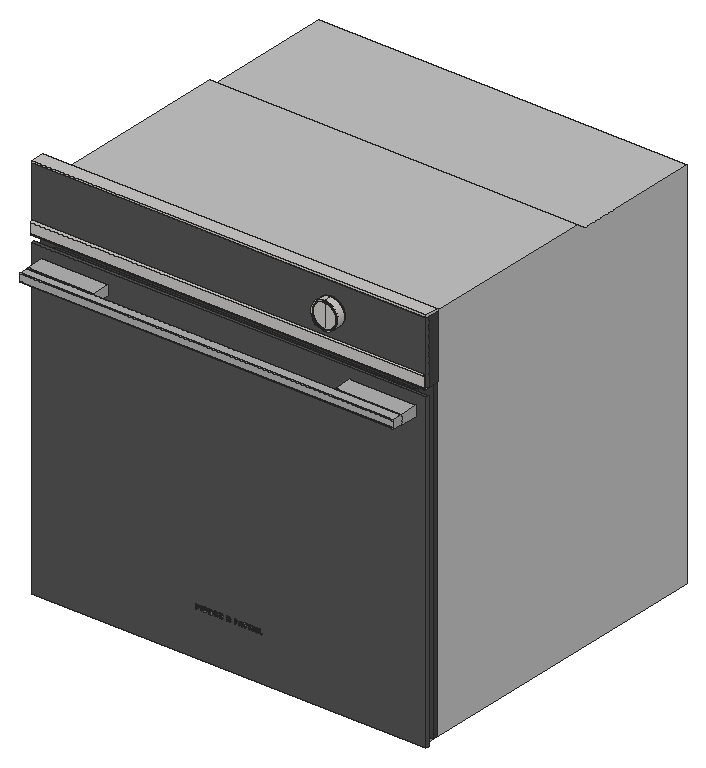
Revit family "FP-Revit18-OS60SDLX1-CombiSteamOven-0-AU-CN-EU-IE-NZ-UK-90002671A", category Specialty Equipment, Revit 2018
Family settings
  Round Connector Dimension = Use Diameter
  Part Type = Normal
  OmniClass Number = 23.40.40.14.17.11
  OmniClass Title = Cookers, Ovens, Stoves
  Work Plane-Based = No
  Always vertical = Yes
  Cut with Voids When Loaded = Yes
  Shared = No
  Room Calculation Point = No
Parameters (values of type "OS60SDLX1")
  Visibility - Clearance Required = yes
  URL = "www.fisherpaykel.com"
  Product - Width = 596 mm  # constant formula
  Product - Height = 598 mm  # constant formula
  Product - Depth = 566 mm  # constant formula
  Model = "OS60SDLX1"
  Material - Trim = Fisher & Paykel - Stainless Steel
  Material - Structure = Fisher & Paykel - Black
  Material - Logo = Fisher & Paykel - Graphics Grey
  Material - Handle = Fisher & Paykel - Aluminium
  Material - Glass = Fisher & Paykel - Glass, Black
  Material - Buttons and Dials = Fisher & Paykel - Stainless Steel
  Material - Body = Fisher & Paykel - Grey
  Material - Bezel = Fisher & Paykel - Bezel Red
  Manufacturer = "Fisher & Paykel Appliances"
  FFL Offset [instance] = 200 mm
  Description = "60cm Combination Steam Oven"
  Connector Note - Electrical = "220 - 240 V, 12.8 - 13.8 A, 50 Hz"
  Chassis - Width = 556 mm  # constant formula
  Chassis - Height = 577 mm  # constant formula
  Chassis - Depth = 545 mm  # constant formula
  Cavity - Width = 600 mm  # constant formula
  Cavity - Height = 600 mm  # constant formula
  Cavity - Depth = 550 mm  # constant formula
Reference planes
  plane 1 "Datum": y = 0
  plane 2: z = 0
  plane 3 "Center (Left/Right)": x = 0
  plane 4 "Cavity": z = 780
  plane 5 "Product Height": z = 798
  plane 6 "Product LHS": x = -298
  plane 7 "Product RHS": x = 298
  plane 8 "Cavity LHS": x = -300
  plane 9 "Cavity RHS": x = 300
  plane 10 "Cavity - Depth": y = 550
  plane 11 "Product Depth": y = 545
  plane 12 "Front Face": y = -21
  plane 13 "Dial": x = 154.861
  plane 14 "FFL Offset": z = 200
  plane 15 "Cavity Height": z = 800
  plane 16 "KNOB 32": x = -282.5
  plane 17 "KNOB 33": x = 282.5
  plane 18 "LHS Standoff": x = -182.5
  plane 19 "RHS Standoff": x = 182.5
Forms (mm)
  Extrusion 1, solid, material "Fisher & Paykel - Grey" <- "Material - Body"
    sketch origin (0, 0, 0) x (0, 1, 0) y (0, 0, 1)
      loop
        line (0, 200) -> (527.082, 200) -> (527.082, 392.821) -> (545, 410.738) -> (545, 606.184) -> (496, 658.73) -> (496, 767.871) -> (302.605, 767.871) -> (290.524, 777) -> (0, 777) -> (0, 200)
    from -278 to 278
  Extrusion 2, void
    sketch origin (0, 0, 0) x (1, 0, 0) y (0, 1, 0)
      loop
        line (-199.196, 545) -> (-278, 545) -> (-278, 496) -> (-229.815, 496) -> (-199.196, 545)
      loop
        line (278, 496) -> (278, 545) -> (75.362, 545) -> (93.838, 526.523) -> (211.079, 526.523) -> (229.419, 496) -> (278, 496)
    from 200 to 767.871
  Extrusion 3, solid, material "Fisher & Paykel - Black" <- "Material - Structure"
    sketch origin (0, 0, 0) x (0, 1, 0) y (0, 0, 1)
      loop
        line (-17, 795.1) -> (-17, 698) -> (0, 698) -> (0, 795.1) -> (-17, 795.1)
    from -298 to 298
  Extrusion 4, solid, material "Fisher & Paykel - Glass, Black" <- "Material - Glass"
    sketch origin (0, 0, 0) x (1, 0, 0) y (0, 0, 1)
      loop
        line (-298, 687) -> (-298, 211.846) -> (298, 211.846) -> (298, 687) -> (-298, 687)
      loop
        line (-298, 699.5) -> (298, 699.5) -> (298, 795.1) -> (-298, 795.1) -> (-298, 699.5)
    from 17 to 21
  Extrusion 5, solid, material "Fisher & Paykel - Black" <- "Material - Structure"
    sketch origin (0, 0, -4.7) x (0, 1, 0) y (0, 0, 1)
      loop
        line (-17, 690.771) -> (-17, 224.7) -> (-5, 224.7) -> (-5, 687.442) -> (-14.146, 690.771) -> (-17, 690.771)
    from -272.5 to 272.5
  Extrusion 6, solid, material "Fisher & Paykel - Black" <- "Material - Structure"
    sketch origin (0, 0, 0) x (1, 0, 0) y (0, 0, 1)
      loop
        arc (269.803, 698) -> (257.581, 690.14) -> (243.393, 687) r 41.294
        line (243.393, 687) -> (-243.393, 687)
        arc (-243.393, 687) -> (-257.581, 690.14) -> (-269.803, 698) r 41.294
        line (-269.803, 698) -> (-297.5, 698) -> (-297.5, 218) -> (297.5, 218) -> (297.5, 698) -> (269.803, 698)
    from 0 to 5.4
  Extrusion 7, solid, material "Fisher & Paykel - Clearance Required", visible <- "Visibility - Clearance Required", detail levels coarse
    sketch origin (0, 0, 0) x (0, 1, 0) y (0, 0, 1)
      loop
        line (0, 800) -> (-191.375, 800) -> (-191.375, 636.155)
        arc (-191.375, 636.155) -> (-381.908, 479.03) -> (-481.8, 253.169) r 536.161
        line (-481.8, 253.169) -> (-465.804, 252.809) -> (-466.989, 210.782) -> (-451.592, 210.354) -> (-450.407, 252.375) -> (-21, 240.267) -> (-21, 200) -> (0, 200) -> (0, 800)
    from -300 to 300
  Extrusion 8, solid, material "Fisher & Paykel - Clearance Required", visible <- "Visibility - Clearance Required", detail levels coarse
    sketch origin (0, 0, 0) x (1, 0, 0) y (0, 1, 0)
      loop
        line (-280, 0) -> (280, 0) -> (280, 550) -> (-280, 550) -> (-280, 0)
    from 200 to 780
  Extrusion 9, void
    sketch origin (0, 0, 0) x (1, 0, 0) y (0, 1, 0)
      loop
        line (-300, -21) -> (300, -21) -> (300, 0) -> (-300, 0) -> (-300, -21)
    from 200 to 800
  Extrusion 10, solid, material "Fisher & Paykel - Stainless Steel" <- "Material - Trim", detail levels fine
    sketch origin (0, 0, 0) x (0, 1, 0) y (0, 0, 1)
      loop
        line (-22.95, 715.033) -> (-22.95, 699.235)
        arc (-22.95, 699.235) -> (-22.588, 698.362) -> (-21.715, 698) r 1.235
        line (-21.715, 698) -> (-18.526, 698) -> (-18.526, 699.5) -> (-21, 699.5) -> (-21, 717.646) -> (-21.788, 717.646) -> (-22.95, 715.033)
    from -298 to 298
  Extrusion 11, void
    sketch origin (0, 0, 0) x (1, 0, 0) y (0, 1, 0)
      loop
        line (-280, 550) -> (-280, 0) -> (280, 0) -> (280, 550) -> (-280, 550)
    from 200 to 780
  Extrusion 12, solid, material "Fisher & Paykel - Grey" <- "Material - Body"
    sketch origin (0, -21, 0) x (0, 0, 1) y (1, 0, 0)
      loop
        line (736, -135) -> (683, -135) -> (683, -218) -> (736, -218) -> (736, -135)
    from 517 to 535
  Extrusion 13, solid, material "Fisher & Paykel - Stainless Steel" <- "Material - Trim"
    sketch origin (154.861, 0, 0) x (0, 1, 0) y (0, 0, 1)
      loop
        line (0, 798) -> (-21, 798) -> (-21, 795.1) -> (0, 795.1) -> (0, 798)
    from -452.861 to 143.139
  Extrusion 14, solid, material "Fisher & Paykel - Graphics Grey" <- "Material - Logo", detail levels fine
    sketch origin (0, 0, 0) x (1, 0, 0) y (0, 0, 1)
      loop
        line (-50.044, 278.956) -> (-48.47, 278.956) -> (-48.47, 281.094) -> (-46.011, 281.094) -> (-46.011, 282.428) -> (-48.47, 282.428) -> (-48.47, 283.668) -> (-45.795, 283.668) -> (-45.795, 284.996) -> (-50.044, 284.996) -> (-50.044, 278.956)
      loop
        line (-42.804, 284.996) -> (-42.804, 278.956) -> (-41.23, 278.956) -> (-41.23, 284.996) -> (-42.804, 284.996)
      loop
        line (-30.724, 284.996) -> (-30.724, 278.956) -> (-29.151, 278.956) -> (-29.151, 281.376) -> (-26.839, 281.376) -> (-26.839, 278.956) -> (-25.265, 278.956) -> (-25.265, 284.996) -> (-26.839, 284.996) -> (-26.839, 282.704) -> (-29.151, 282.704) -> (-29.151, 284.996) -> (-30.724, 284.996)
      loop
        line (-21.906, 284.996) -> (-21.906, 278.956) -> (-17.602, 278.956) -> (-17.602, 280.284) -> (-20.347, 280.284) -> (-20.347, 281.376) -> (-17.838, 281.376) -> (-17.838, 282.704) -> (-20.347, 282.704) -> (-20.347, 283.668) -> (-17.602, 283.668) -> (-17.602, 284.996) -> (-21.906, 284.996)
      loop
        line (45.667, 284.996) -> (45.667, 278.956) -> (49.956, 278.956) -> (49.956, 280.284) -> (47.241, 280.284) -> (47.241, 284.996) -> (45.667, 284.996)
      loop
        line (42.431, 284.996) -> (38.112, 284.996) -> (38.112, 278.956) -> (42.431, 278.956) -> (42.431, 280.284) -> (39.687, 280.284) -> (39.687, 281.376) -> (42.195, 281.376) -> (42.195, 282.704) -> (39.687, 282.704) -> (39.687, 283.668) -> (42.431, 283.668) -> (42.431, 284.996)
      loop
        line (33.451, 282.104) -> (35.683, 284.996) -> (33.844, 284.996) -> (31.915, 282.498) -> (31.915, 284.996) -> (30.342, 284.996) -> (30.342, 278.956) -> (31.915, 278.956) -> (31.915, 281.661) -> (33.903, 278.956) -> (35.763, 278.956) -> (33.451, 282.104)
      loop
        line (21.98, 284.996) -> (24.262, 281.376) -> (24.262, 278.956) -> (25.837, 278.956) -> (25.837, 281.297) -> (28.119, 284.996) -> (26.446, 284.996) -> (25.099, 282.663) -> (23.753, 284.996) -> (21.98, 284.996)
      loop
        line (18.479, 284.996) -> (16.983, 284.996) -> (14.524, 278.956) -> (16.069, 278.956) -> (16.501, 280.068) -> (18.921, 280.068) -> (19.354, 278.956) -> (20.938, 278.956) -> (18.479, 284.996)
      loop
        line (18.4, 281.395) -> (17.693, 283.13) -> (17.018, 281.395) -> (18.4, 281.395)
      loop
        line (8.031, 284.996) -> (8.031, 278.956) -> (9.605, 278.956) -> (9.605, 280.894) -> (10.599, 280.894)
        arc (10.599, 280.894) -> (12.65, 282.945) -> (10.599, 284.996) r 2.051
        line (10.599, 284.996) -> (8.031, 284.996)
      loop
        line (9.605, 283.668) -> (9.605, 282.153) -> (10.501, 282.153)
        arc (10.501, 282.153) -> (11.259, 282.91) -> (10.501, 283.668) r 0.757
        line (10.501, 283.668) -> (9.605, 283.668)
      loop
        line (-11.783, 284.996) -> (-14.366, 284.996) -> (-14.366, 278.956) -> (-12.792, 278.956) -> (-12.792, 280.292) -> (-11.992, 280.292) -> (-10.972, 278.956) -> (-9.153, 278.956) -> (-10.694, 280.929)
        arc (-10.694, 280.929) -> (-9.678, 283.38) -> (-11.783, 284.996) r 2.179
      loop
        line (-11.897, 283.668) -> (-12.792, 283.668) -> (-12.792, 282.009) -> (-11.897, 282.009)
        arc (-11.897, 282.009) -> (-11.068, 282.838) -> (-11.897, 283.668) r 0.83
      loop
        line (0.477, 283.668) -> (0.477, 285.108) -> (-3.575, 285.108) -> (-3.575, 283.807) -> (-2.974, 283.067)
        arc (-2.974, 283.067) -> (-3.51, 279.639) -> (-0.045, 279.467) r 2.334
        line (-0.045, 279.467) -> (0.46, 278.847) -> (2.246, 278.847) -> (0.86, 280.55) -> (2.061, 282.28) -> (0.443, 282.28) -> (-0.013, 281.623) -> (-1.677, 283.668) -> (0.477, 283.668)
      loop
        arc (-2.125, 282.024) -> (-2.269, 280.624) -> (-0.868, 280.48) r 0.996
        line (-0.868, 280.48) -> (-2.125, 282.024)
      loop
        line (-35.18, 282.59) -> (-36.516, 282.866)
        arc (-36.516, 282.866) -> (-37.049, 283.399) -> (-36.516, 283.932) r 0.533
        arc (-36.516, 283.932) -> (-35.235, 283.746) -> (-34.059, 283.203) r 4.505
        line (-34.059, 283.203) -> (-34.059, 284.699)
        arc (-34.059, 284.699) -> (-35.549, 285.135) -> (-37.1, 285.065) r 4.726
        arc (-37.1, 285.065) -> (-38.536, 283.291) -> (-37.1, 281.516) r 1.814
        line (-37.1, 281.516) -> (-35.754, 281.238)
        arc (-35.754, 281.238) -> (-35.221, 280.705) -> (-35.754, 280.172) r 0.533
        arc (-35.754, 280.172) -> (-37.035, 280.358) -> (-38.211, 280.901) r 4.505
        line (-38.211, 280.901) -> (-38.211, 279.405)
        arc (-38.211, 279.405) -> (-36.72, 278.969) -> (-35.169, 279.039) r 4.726
        arc (-35.169, 279.039) -> (-33.734, 280.819) -> (-35.18, 282.59) r 1.814
    from 20 to 21
  Extrusion 15, void
    sketch origin (0, 0, 0) x (1, 0, 0) y (0, 0, 1)
      loop
        line (-229.748, 203) -> (-229.748, 200) -> (229.748, 200) -> (229.748, 203) -> (-229.748, 203)
    from -406 to 0
  Extrusion 16, solid, material "Fisher & Paykel - Grey" <- "Material - Body"
    sketch origin (0, 0, 0) x (0, 1, 0) y (0, 0, 1)
      loop
        circle (504.5, 703) r 4
    from -255.139 to -218
  Revolve 17, solid, material "Fisher & Paykel - Stainless Steel" <- "Material - Buttons and Dials", detail levels fine
    sketch origin (154.861, -21, 753.32) x (0, 1, 0) y (0, 0, 1)
      loop
        line (0, 20.5) -> (-0.8, 20.5) -> (-0.8, 16.038) -> (-2.264, 16.038) -> (-2.264, 20.5) -> (-13.8, 20.5) -> (-13.8, 19.7) -> (-13.289, 18.5) -> (-9.2, 18.5) -> (-9.2, 17.7) -> (-13.289, 17.7) -> (-13.289, 0) -> (0, 0) -> (0, 20.5)
      axis (0, 0) -> (-13.8, 0)
    angle from 0 to 360
  Extrusion 18, solid, material "Fisher & Paykel - Bezel Red" <- "Material - Bezel", detail levels fine
    sketch origin (154.861, -21, 753.32) x (1, 0, 0) y (0, 0, 1)
      loop
        circle (0, 0) r 17.7
      loop
        circle (0, 0) r 18.5
    from 9.2 to 13.289
  Extrusion 19, solid, material "Fisher & Paykel - Stainless Steel" <- "Material - Buttons and Dials", detail levels coarse+medium
    sketch origin (0, 0, 0) x (1, 0, 0) y (0, 0, 1)
      loop
        circle (154.861, 753.32) r 20.5
    from 21 to 35
  Revolve 20, solid, material "Fisher & Paykel - Stainless Steel" <- "Material - Buttons and Dials", not visible, detail levels fine
    sketch origin (154.861, -21, 753.32) x (0, 1, 0) y (0, 0, 1)
      loop
        line (0, 20.5) -> (-0.8, 20.5) -> (-0.8, 16.038) -> (-2.264, 16.038) -> (-2.264, 20.5) -> (-13.8, 20.5) -> (-13.8, 19.7) -> (-13.289, 18.5) -> (-9.2, 18.5) -> (-9.2, 17.7) -> (-13.289, 17.7) -> (-13.289, 0) -> (0, 0) -> (0, 20.5)
      axis (0, 0) -> (-13.8, 0)
    angle from 0 to 360
  Extrusion 21, solid, material "Fisher & Paykel - Bezel Red" <- "Material - Bezel", not visible, detail levels fine
    sketch origin (154.861, -21, 753.32) x (1, 0, 0) y (0, 0, 1)
      loop
        circle (0, 0) r 17.7
      loop
        circle (0, 0) r 18.5
    from 9.2 to 13.289
  Extrusion 22, solid, material "Fisher & Paykel - Stainless Steel" <- "Material - Buttons and Dials", not visible, detail levels coarse+medium
    sketch origin (0, 0, 0) x (1, 0, 0) y (0, 0, 1)
      loop
        circle (154.861, 753.32) r 20.5
    from 21 to 35
  Extrusion 23, solid, material "Fisher & Paykel - Aluminium" <- "Material - Handle", detail levels fine
    sketch origin (0, -22, 663.274) x (0, 1, 0) y (0, 0, 1)
      loop
        arc (-26.813, 6.16) -> (-27.196, 6.554) -> (-27.728, 6.686) r 1
        line (-27.728, 6.686) -> (-40.035, 6.256)
        arc (-40.035, 6.256) -> (-40.719, 5.951) -> (-41, 5.257) r 1
        line (-41, 5.257) -> (-41, -5.257)
        arc (-41, -5.257) -> (-40.719, -5.951) -> (-40.035, -6.256) r 1
        line (-40.035, -6.256) -> (-27.709, -6.686)
        arc (-27.709, -6.686) -> (-27.175, -6.554) -> (-26.792, -6.158) r 1
        arc (-26.792, -6.158) -> (-25.256, 0.004) -> (-26.813, 6.16) r 13.038
    from -282.5 to 282.5
  Extrusion 24, solid, material "Fisher & Paykel - Aluminium" <- "Material - Handle", detail levels fine
    sketch origin (0, -22, 663.274) x (0, 1, 0) y (0, 0, 1)
      loop
        arc (-26.626, -6.008) -> (-26.614, -6.49) -> (-26.2, -6.737) r 0.5
        line (-26.2, -6.737) -> (1, -7.732) -> (1, 7.741) -> (-26.174, 6.747)
        arc (-26.174, 6.747) -> (-26.587, 6.5) -> (-26.6, 6.019) r 0.5
        arc (-26.6, 6.019) -> (-25.156, 0.002) -> (-26.626, -6.008) r 13.136
    from 182.5 to 282.5
  Extrusion 25, solid, material "Fisher & Paykel - Aluminium" <- "Material - Handle", detail levels coarse+medium
    sketch origin (0, -23, 663.274) x (1, 0, 0) y (0, 1, 0)
      loop
        line (-282.5, -40) -> (282.5, -40) -> (282.5, 2) -> (182.5, 2) -> (182.5, -24.334) -> (-182.5, -24.334) -> (-182.5, 2) -> (-282.5, 2) -> (-282.5, -40)
    from -8.022 to 7.978
  Extrusion 26, solid, material "Fisher & Paykel - Aluminium" <- "Material - Handle", detail levels fine
    sketch origin (0, -22, 663.274) x (0, 1, 0) y (0, 0, 1)
      loop
        arc (-26.626, -6.008) -> (-26.614, -6.49) -> (-26.2, -6.737) r 0.5
        line (-26.2, -6.737) -> (1, -7.732) -> (1, 7.741) -> (-26.174, 6.747)
        arc (-26.174, 6.747) -> (-26.587, 6.5) -> (-26.6, 6.019) r 0.5
        arc (-26.6, 6.019) -> (-25.156, 0.002) -> (-26.626, -6.008) r 13.136
    from -282.5 to -182.5
  Extrusion 27, solid, material "Fisher & Paykel - Aluminium" <- "Material - Handle", not visible, detail levels fine
    sketch origin (0, -22, 663.274) x (0, 1, 0) y (0, 0, 1)
      loop
        arc (-26.813, 6.16) -> (-27.196, 6.554) -> (-27.728, 6.686) r 1
        line (-27.728, 6.686) -> (-40.035, 6.256)
        arc (-40.035, 6.256) -> (-40.719, 5.951) -> (-41, 5.257) r 1
        line (-41, 5.257) -> (-41, -5.257)
        arc (-41, -5.257) -> (-40.719, -5.951) -> (-40.035, -6.256) r 1
        line (-40.035, -6.256) -> (-27.709, -6.686)
        arc (-27.709, -6.686) -> (-27.175, -6.554) -> (-26.792, -6.158) r 1
        arc (-26.792, -6.158) -> (-25.256, 0.004) -> (-26.813, 6.16) r 13.038
    from -282.5 to 282.5
  Extrusion 28, solid, material "Fisher & Paykel - Aluminium" <- "Material - Handle", not visible, detail levels fine
    sketch origin (0, -22, 663.274) x (0, 1, 0) y (0, 0, 1)
      loop
        arc (-26.626, -6.008) -> (-26.614, -6.49) -> (-26.2, -6.737) r 0.5
        line (-26.2, -6.737) -> (1, -7.732) -> (1, 7.741) -> (-26.174, 6.747)
        arc (-26.174, 6.747) -> (-26.587, 6.5) -> (-26.6, 6.019) r 0.5
        arc (-26.6, 6.019) -> (-25.156, 0.002) -> (-26.626, -6.008) r 13.136
    from 182.5 to 282.5
  Extrusion 29, solid, material "Fisher & Paykel - Aluminium" <- "Material - Handle", not visible, detail levels coarse+medium
    sketch origin (0, -23, 663.274) x (1, 0, 0) y (0, 1, 0)
      loop
        line (-282.5, -40) -> (282.5, -40) -> (282.5, 2) -> (182.5, 2) -> (182.5, -24.334) -> (-182.5, -24.334) -> (-182.5, 2) -> (-282.5, 2) -> (-282.5, -40)
    from -8.022 to 7.978
  Extrusion 30, solid, material "Fisher & Paykel - Aluminium" <- "Material - Handle", not visible, detail levels fine
    sketch origin (0, -22, 663.274) x (0, 1, 0) y (0, 0, 1)
      loop
        arc (-26.626, -6.008) -> (-26.614, -6.49) -> (-26.2, -6.737) r 0.5
        line (-26.2, -6.737) -> (1, -7.732) -> (1, 7.741) -> (-26.174, 6.747)
        arc (-26.174, 6.747) -> (-26.587, 6.5) -> (-26.6, 6.019) r 0.5
        arc (-26.6, 6.019) -> (-25.156, 0.002) -> (-26.626, -6.008) r 13.136
    from -282.5 to -182.5
Cuts and joins
  Extrusion 2, Extrusion 15 cuts Extrusion 1
Lines and regions (mm)
  model lines, style "Fisher & Paykel"
    curve 1: line (217.5, -21, 336) -> (-217.5, -21, 336)
    curve 2: line (217.5, -21, 619) -> (217.5, -21, 336)
    curve 3: line (-217.5, -21, 619) -> (217.5, -21, 619)
    curve 4: line (-217.5, -21, 336) -> (-217.5, -21, 619)
Text (mm)
  text "Disclaimer:\nWe endeavor to maintain the accuracy of our 3D content.\nHowever, product details are subject to change without notice.\nPlease refer to the product Data Sheets for the most current product information." at (41.04, -568.295, 0), in view "Ref. Level (Plan)"
Dimensions and locks
  equal spacing: plane 6 "Product LHS", plane 3 "Center (Left/Right)", plane 7 "Product RHS"
  "Product - Width": plane 6 "Product LHS" to plane 7 "Product RHS"
  equal spacing: plane 8 "Cavity LHS", plane 3 "Center (Left/Right)", plane 9 "Cavity RHS"
  "Cavity - Width": plane 8 "Cavity LHS" to plane 9 "Cavity RHS"
  "Cavity - Depth": plane 10 "Cavity - Depth" to plane 1 "Datum"
  "Chassis - Depth": plane 11 "Product Depth" to plane 1 "Datum"
  plane 12 "Front Face" to plane 1 "Datum" = 21 mm
  "Chassis - Width": cut or joined group of Extrusion 1, Extrusion 2, Extrusion 15 to cut or joined group of Extrusion 1, Extrusion 2, Extrusion 15
  "FFL Offset": plane 14 "FFL Offset" to level
  "Product - Height": plane 5 "Product Height" to plane 14 "FFL Offset"
  "Cavity - Height": Extrusion 7 to plane 14 "FFL Offset"
  locked: plane 4 "Cavity" to plane 14 "FFL Offset" at 580
  "Cavity - Height": plane 15 "Cavity Height" to plane 14 "FFL Offset"
  plane 16 "KNOB 32" to plane 17 "KNOB 33" = -304.8 mm
  locked: Extrusion 11 to Extrusion 11 at 560
  equal spacing: Extrusion 11, plane 3 "Center (Left/Right)", Extrusion 11
  Extrusion 4 to plane 14 "FFL Offset" = 11.846 mm
  locked: Extrusion 5 to plane 14 "FFL Offset" at 20
  plane 14 "FFL Offset" to Extrusion 3 = 498 mm
  locked: Extrusion 4 to plane 14 "FFL Offset" at 487  (x2)
  plane 14 "FFL Offset" to Extrusion 12 sketch curve = 483 mm
  Extrusion 12 sketch curve to Extrusion 12 sketch curve = 53 mm
  locked: Extrusion 6 sketch curve to Extrusion 6 sketch curve at 11  (x2)
  plane 14 "FFL Offset" to Extrusion 6 sketch curve = 18 mm
  locked: plane 14 "FFL Offset" to Extrusion 6 sketch curve at 498  (x2)
  locked: Extrusion 14 sketch curve to plane 14 "FFL Offset" at 78.956
  locked: cut or joined group of Extrusion 1, Extrusion 2, Extrusion 15 to plane 14 "FFL Offset" at 3
  locked: cut or joined group of Extrusion 1, Extrusion 2, Extrusion 15 to plane 14 "FFL Offset" at 577
  locked: curve 1 to plane 14 "FFL Offset" at 136
  locked: curve 3 to plane 14 "FFL Offset" at 419
  locked: cut or joined group of Extrusion 1, Extrusion 2, Extrusion 15 to plane 14 "FFL Offset" at 567.871
  locked: plane 5 "Product Height" to Extrusion 18 at 44.68
  locked: Extrusion 25 to plane 14 "FFL Offset" at 471.252
  "Product - Depth": plane 11 "Product Depth" to plane 12 "Front Face"
  aligned and locked: level to plane 2
  aligned and locked: plane 8 "Cavity LHS" to Extrusion 7
  aligned and locked: Extrusion 7 to plane 9 "Cavity RHS"
  aligned and locked: Extrusion 1 sketch curve to plane 14 "FFL Offset"
  aligned and locked: Extrusion 1 to Extrusion 2
  aligned and locked: plane 14 "FFL Offset" to Extrusion 7 sketch curve
  aligned and locked: Extrusion 11 to cut or joined group of Extrusion 1, Extrusion 2, Extrusion 15
  aligned and locked: plane 4 "Cavity" to Extrusion 11
  aligned and locked: plane 4 "Cavity" to Extrusion 8
  aligned and locked: Extrusion 8 to cut or joined group of Extrusion 1, Extrusion 2, Extrusion 15
  aligned and locked: Extrusion 9 to cut or joined group of Extrusion 1, Extrusion 2, Extrusion 15
  aligned and locked: Extrusion 9 to Extrusion 7
  aligned and locked: plane 15 "Cavity Height" to Extrusion 9
  aligned and locked: Extrusion 5 sketch curve to Extrusion 4
  aligned and locked: plane 5 "Product Height" to Extrusion 13 sketch curve
  aligned and locked: Extrusion 4 to Extrusion 13
  aligned and locked: Extrusion 3 to Extrusion 4
  aligned and locked: Extrusion 13 to plane 7 "Product RHS"
  aligned and locked: plane 6 "Product LHS" to Extrusion 13
  aligned and locked: plane 1 "Datum" to Extrusion 15
  aligned and locked: Extrusion 15 sketch curve to plane 14 "FFL Offset"
  aligned and locked: plane 11 "Product Depth" to cut or joined group of Extrusion 1, Extrusion 2, Extrusion 15
  aligned and locked: Extrusion 2 to cut or joined group of Extrusion 1, Extrusion 2, Extrusion 15
Automatic sketch dimensions
  Extrusion 1 sketch curve to plane 1 "Datum" = 0 mm
  Extrusion 1 sketch curve to plane 11 "Product Depth" = 0 mm
  Extrusion 1 sketch curve to plane 4 "Cavity" = 3 mm
  Extrusion 1 sketch curve to plane 11 "Product Depth" = 254.476 mm
  Extrusion 1 sketch curve to plane 4 "Cavity" = 12.129 mm
  Extrusion 1 sketch curve to Extrusion 1 sketch curve = 12.081 mm
  Extrusion 1 sketch curve to plane 11 "Product Depth" = 49 mm
  Extrusion 1 sketch curve to plane 11 "Product Depth" = 17.918 mm
  Extrusion 1 sketch curve to Extrusion 1 sketch curve = 192.821 mm
  Extrusion 1 sketch curve to Extrusion 1 sketch curve = 17.918 mm
  Extrusion 1 sketch curve to Extrusion 1 sketch curve = 161.687 mm
  Extrusion 1 sketch curve to Extrusion 1 sketch curve = 52.546 mm
  Extrusion 3 sketch curve to plane 1 "Datum" = 0 mm
  plane 12 "Front Face" to Extrusion 3 sketch curve = 4 mm
  Extrusion 3 sketch curve to plane 4 "Cavity" = 82 mm
  Extrusion 3 sketch curve to plane 5 "Product Height" = 2.9 mm
  plane 6 "Product LHS" to Extrusion 4 sketch curve = 0 mm  (x2)
  plane 7 "Product RHS" to Extrusion 4 sketch curve = 0 mm  (x2)
  plane 14 "FFL Offset" to Extrusion 4 sketch curve = 11.846 mm
  Extrusion 4 sketch curve to plane 4 "Cavity" = 93 mm
  Extrusion 4 sketch curve to Extrusion 4 sketch curve = 12.5 mm
  Extrusion 4 sketch curve to plane 5 "Product Height" = 2.9 mm
  Extrusion 5 sketch curve to Extrusion 5 sketch curve = 2.854 mm
  plane 1 "Datum" to Extrusion 5 sketch curve = 5 mm
  plane 14 "FFL Offset" to Extrusion 5 sketch curve = 20 mm
  Extrusion 5 sketch curve to plane 4 "Cavity" = 97.258 mm
  Extrusion 5 sketch curve to Extrusion 5 sketch curve = 3.329 mm
  Extrusion 6 sketch curve to plane 6 "Product LHS" = 0.5 mm
  Extrusion 6 sketch curve to plane 16 "KNOB 32" = 12.697 mm
  Extrusion 6 sketch curve to Extrusion 6 sketch curve = 26.41 mm
  Extrusion 6 sketch curve to plane 16 "KNOB 32" = 40.797 mm
  plane 17 "KNOB 33" to Extrusion 6 sketch curve = 40.797 mm
  plane 17 "KNOB 33" to Extrusion 6 sketch curve = 39.107 mm
  plane 7 "Product RHS" to Extrusion 6 sketch curve = 28.197 mm
  plane 7 "Product RHS" to Extrusion 6 sketch curve = 0.5 mm
  curve 1 to plane 18 "LHS Standoff" = 35 mm
  plane 19 "RHS Standoff" to curve 3 = 35 mm
  Extrusion 7 sketch curve to plane 15 "Cavity Height" = 0 mm
  Extrusion 7 sketch curve to plane 1 "Datum" = 0 mm
  Extrusion 7 sketch curve to plane 12 "Front Face" = 0 mm
  Extrusion 7 sketch curve to plane 12 "Front Face" = 170.375 mm
  plane 14 "FFL Offset" to Extrusion 7 sketch curve = 52.375 mm
  Extrusion 7 sketch curve to plane 12 "Front Face" = 429.407 mm
  plane 14 "FFL Offset" to Extrusion 7 sketch curve = 10.354 mm
  Extrusion 7 sketch curve to Extrusion 7 sketch curve = 1.185 mm
  plane 14 "FFL Offset" to Extrusion 7 sketch curve = 52.809 mm
  Extrusion 7 sketch curve to Extrusion 7 sketch curve = 15.397 mm  (x2)
  plane 14 "FFL Offset" to Extrusion 7 sketch curve = 10.782 mm
  plane 14 "FFL Offset" to Extrusion 7 sketch curve = 53.169 mm
  Extrusion 7 sketch curve to Extrusion 7 sketch curve = 15.996 mm
  Extrusion 7 sketch curve to plane 1 "Datum" = 45.308 mm
  Extrusion 7 sketch curve to plane 14 "FFL Offset" = 44.937 mm
  Extrusion 8 sketch curve to plane 10 "Cavity - Depth" = 0 mm
  plane 1 "Datum" to Extrusion 8 sketch curve = 0 mm
  Extrusion 8 sketch curve to plane 16 "KNOB 32" = 2.5 mm
  plane 17 "KNOB 33" to Extrusion 8 sketch curve = 2.5 mm
  plane 1 "Datum" to Extrusion 9 sketch curve = 0 mm
  Extrusion 9 sketch curve to plane 8 "Cavity LHS" = 0 mm
  Extrusion 9 sketch curve to plane 9 "Cavity RHS" = 0 mm
  Extrusion 9 sketch curve to plane 12 "Front Face" = 0 mm
  Extrusion 10 sketch curve to plane 12 "Front Face" = 0 mm
  Extrusion 10 sketch curve to plane 12 "Front Face" = 0.715 mm
  Extrusion 10 sketch curve to plane 12 "Front Face" = 0.788 mm
  Extrusion 10 sketch curve to plane 12 "Front Face" = 1.95 mm
  Extrusion 10 sketch curve to Extrusion 10 sketch curve = 2.474 mm
  Extrusion 10 sketch curve to plane 4 "Cavity" = 82 mm
  Extrusion 10 sketch curve to Extrusion 10 sketch curve = 0.265 mm
  Extrusion 10 sketch curve to Extrusion 10 sketch curve = 15.533 mm
  Extrusion 10 sketch curve to Extrusion 10 sketch curve = 2.613 mm
  plane 1 "Datum" to Extrusion 11 sketch curve = 0 mm
  Extrusion 11 sketch curve to plane 10 "Cavity - Depth" = 0 mm
  Extrusion 11 sketch curve to plane 16 "KNOB 32" = 2.5 mm
  plane 17 "KNOB 33" to Extrusion 11 sketch curve = 2.5 mm
  Extrusion 12 sketch curve to plane 18 "LHS Standoff" = 35.5 mm
  plane 18 "LHS Standoff" to Extrusion 12 sketch curve = 47.5 mm
  Extrusion 13 sketch curve to plane 12 "Front Face" = 0 mm
  Extrusion 13 sketch curve to plane 1 "Datum" = 0 mm
  Extrusion 13 sketch curve to plane 5 "Product Height" = 2.9 mm
  Extrusion 14 sketch curve to plane 3 "Center (Left/Right)" = 50.044 mm
  Extrusion 14 sketch curve to Extrusion 14 sketch curve = 1.574 mm  (x12)
  Extrusion 14 sketch curve to Extrusion 14 sketch curve = 2.459 mm
  Extrusion 14 sketch curve to Extrusion 14 sketch curve = 0.216 mm
  Extrusion 14 sketch curve to Extrusion 14 sketch curve = 3.207 mm
  Extrusion 14 sketch curve to Extrusion 14 sketch curve = 3.02 mm
  Extrusion 14 sketch curve to Extrusion 14 sketch curve = 1.11 mm
  Extrusion 14 sketch curve to Extrusion 14 sketch curve = 0.379 mm
  Extrusion 14 sketch curve to Extrusion 14 sketch curve = 0.206 mm  (x2)
  Extrusion 14 sketch curve to Extrusion 14 sketch curve = 0.36 mm  (x2)
  Extrusion 14 sketch curve to Extrusion 14 sketch curve = 0.402 mm
  Extrusion 14 sketch curve to Extrusion 14 sketch curve = 0 mm  (x21)
  Extrusion 14 sketch curve to Extrusion 14 sketch curve = 1.335 mm  (x2)
  Extrusion 14 sketch curve to Extrusion 14 sketch curve = 1.121 mm
  Extrusion 14 sketch curve to Extrusion 14 sketch curve = 3.335 mm
  Extrusion 14 sketch curve to Extrusion 14 sketch curve = 2.312 mm  (x2)
  Extrusion 14 sketch curve to Extrusion 14 sketch curve = 3.359 mm
  Extrusion 14 sketch curve to Extrusion 14 sketch curve = 1.559 mm
  Extrusion 14 sketch curve to Extrusion 14 sketch curve = 2.508 mm  (x2)
  Extrusion 14 sketch curve to Extrusion 14 sketch curve = 0.236 mm  (x4)
  Extrusion 14 sketch curve to Extrusion 14 sketch curve = 3.236 mm  (x2)
  Extrusion 14 sketch curve to Extrusion 14 sketch curve = 0.8 mm
  Extrusion 14 sketch curve to Extrusion 14 sketch curve = 0.895 mm
  Extrusion 14 sketch curve to Extrusion 14 sketch curve = 0.114 mm
  Extrusion 14 sketch curve to Extrusion 14 sketch curve = 1.02 mm
  Extrusion 14 sketch curve to Extrusion 14 sketch curve = 1.298 mm
  Extrusion 14 sketch curve to Extrusion 14 sketch curve = 1.82 mm
  Extrusion 14 sketch curve to plane 3 "Center (Left/Right)" = 3.575 mm
  Extrusion 14 sketch curve to Extrusion 14 sketch curve = 0.602 mm
  Extrusion 14 sketch curve to Extrusion 14 sketch curve = 0.849 mm
  Extrusion 14 sketch curve to Extrusion 14 sketch curve = 0.425 mm
  Extrusion 14 sketch curve to Extrusion 14 sketch curve = 1.297 mm
  Extrusion 14 sketch curve to Extrusion 14 sketch curve = 0.203 mm
  Extrusion 14 sketch curve to plane 3 "Center (Left/Right)" = 0.868 mm
  Extrusion 14 sketch curve to plane 3 "Center (Left/Right)" = 0.045 mm
  Extrusion 14 sketch curve to plane 3 "Center (Left/Right)" = 0.013 mm
  plane 3 "Center (Left/Right)" to Extrusion 14 sketch curve = 0.443 mm
  plane 3 "Center (Left/Right)" to Extrusion 14 sketch curve = 0.46 mm
  plane 3 "Center (Left/Right)" to Extrusion 14 sketch curve = 0.477 mm
  plane 3 "Center (Left/Right)" to Extrusion 14 sketch curve = 0.86 mm
  Extrusion 14 sketch curve to Extrusion 14 sketch curve = 1.618 mm
  Extrusion 14 sketch curve to Extrusion 14 sketch curve = 1.785 mm
  Extrusion 14 sketch curve to Extrusion 14 sketch curve = 5.971 mm
  Extrusion 14 sketch curve to Extrusion 14 sketch curve = 0.896 mm
  Extrusion 14 sketch curve to Extrusion 14 sketch curve = 0.994 mm
  Extrusion 14 sketch curve to Extrusion 14 sketch curve = 3.925 mm
  Extrusion 14 sketch curve to Extrusion 14 sketch curve = 1.545 mm
  Extrusion 14 sketch curve to Extrusion 14 sketch curve = 0.433 mm  (x2)
  Extrusion 14 sketch curve to Extrusion 14 sketch curve = 0.482 mm
  Extrusion 14 sketch curve to Extrusion 14 sketch curve = 0.517 mm
  Extrusion 14 sketch curve to Extrusion 14 sketch curve = 0.675 mm
  Extrusion 14 sketch curve to Extrusion 14 sketch curve = 1.381 mm
  Extrusion 14 sketch curve to Extrusion 14 sketch curve = 1.495 mm
  Extrusion 14 sketch curve to Extrusion 14 sketch curve = 0.522 mm
  Extrusion 14 sketch curve to Extrusion 14 sketch curve = 1.584 mm
  Extrusion 14 sketch curve to Extrusion 14 sketch curve = 3.502 mm
  Extrusion 14 sketch curve to Extrusion 14 sketch curve = 1.772 mm
  Extrusion 14 sketch curve to Extrusion 14 sketch curve = 0.51 mm
  Extrusion 14 sketch curve to Extrusion 14 sketch curve = 0.837 mm
  Extrusion 14 sketch curve to Extrusion 14 sketch curve = 0.737 mm
  Extrusion 14 sketch curve to Extrusion 14 sketch curve = 2.694 mm
  Extrusion 14 sketch curve to Extrusion 14 sketch curve = 1.673 mm
  Extrusion 14 sketch curve to Extrusion 14 sketch curve = 2.223 mm
  Extrusion 14 sketch curve to Extrusion 14 sketch curve = 1.535 mm
  Extrusion 14 sketch curve to Extrusion 14 sketch curve = 1.928 mm
  Extrusion 14 sketch curve to Extrusion 14 sketch curve = 1.987 mm
  Extrusion 14 sketch curve to Extrusion 14 sketch curve = 1.839 mm
  Extrusion 14 sketch curve to Extrusion 14 sketch curve = 1.86 mm
  Extrusion 14 sketch curve to Extrusion 14 sketch curve = 2.429 mm
  Extrusion 14 sketch curve to Extrusion 14 sketch curve = 2.715 mm
  Extrusion 14 sketch curve to Extrusion 14 sketch curve = 0.109 mm  (x5)
  Extrusion 14 sketch curve to Extrusion 14 sketch curve = 0.449 mm
  Extrusion 14 sketch curve to Extrusion 14 sketch curve = 0.023 mm
  Extrusion 14 sketch curve to Extrusion 14 sketch curve = 0.621 mm
  Extrusion 14 sketch curve to Extrusion 14 sketch curve = 1.112 mm
  Extrusion 14 sketch curve to Extrusion 14 sketch curve = 1.328 mm  (x10)
  Extrusion 14 sketch curve to Extrusion 14 sketch curve = 1.336 mm
  Extrusion 14 sketch curve to Extrusion 14 sketch curve = 1.015 mm
  Extrusion 14 sketch curve to Extrusion 14 sketch curve = 1.012 mm
  Extrusion 14 sketch curve to Extrusion 14 sketch curve = 1.082 mm
  Extrusion 14 sketch curve to Extrusion 14 sketch curve = 0.262 mm  (x2)
  Extrusion 14 sketch curve to Extrusion 14 sketch curve = 1.938 mm
  Extrusion 14 sketch curve to Extrusion 14 sketch curve = 1.496 mm  (x2)
  Extrusion 14 sketch curve to Extrusion 14 sketch curve = 0.637 mm
  Extrusion 14 sketch curve to Extrusion 14 sketch curve = 2.138 mm
  Extrusion 14 sketch curve to Extrusion 14 sketch curve = 0.632 mm
  Extrusion 14 sketch curve to Extrusion 14 sketch curve = 0.424 mm  (x2)
  Extrusion 14 sketch curve to Extrusion 14 sketch curve = 0.14 mm
  Extrusion 14 sketch curve to Extrusion 14 sketch curve = 2.341 mm
  Extrusion 14 sketch curve to Extrusion 14 sketch curve = 1.092 mm  (x2)
  Extrusion 14 sketch curve to Extrusion 14 sketch curve = 2.42 mm
  Extrusion 14 sketch curve to Extrusion 14 sketch curve = 0.079 mm
  Extrusion 14 sketch curve to Extrusion 14 sketch curve = 0.616 mm
  Extrusion 14 sketch curve to Extrusion 14 sketch curve = 1.073 mm
  Extrusion 14 sketch curve to Extrusion 14 sketch curve = 2.705 mm
  Extrusion 14 sketch curve to Extrusion 14 sketch curve = 1.716 mm
  Extrusion 14 sketch curve to Extrusion 14 sketch curve = 0.442 mm
  Extrusion 14 sketch curve to Extrusion 14 sketch curve = 1.259 mm
  Extrusion 14 sketch curve to Extrusion 14 sketch curve = 1.73 mm
  Extrusion 14 sketch curve to Extrusion 14 sketch curve = 0.836 mm
  Extrusion 14 sketch curve to Extrusion 14 sketch curve = 1.352 mm
  Extrusion 14 sketch curve to Extrusion 14 sketch curve = 1.287 mm
  Extrusion 14 sketch curve to Extrusion 14 sketch curve = 0.808 mm
  Extrusion 14 sketch curve to Extrusion 14 sketch curve = 0.022 mm
  Extrusion 14 sketch curve to Extrusion 14 sketch curve = 0.276 mm
  Extrusion 14 sketch curve to Extrusion 14 sketch curve = 0.757 mm
  Extrusion 14 sketch curve to Extrusion 14 sketch curve = 0.034 mm
  Extrusion 14 sketch curve to Extrusion 14 sketch curve = 1.735 mm
  Extrusion 14 sketch curve to Extrusion 14 sketch curve = 0.614 mm
  Extrusion 14 sketch curve to Extrusion 14 sketch curve = 0.6 mm
  Extrusion 14 sketch curve to Extrusion 14 sketch curve = 0.964 mm  (x2)
  Extrusion 14 sketch curve to Extrusion 14 sketch curve = 1.24 mm
  Extrusion 14 sketch curve to Extrusion 14 sketch curve = 0.739 mm
  Extrusion 14 sketch curve to Extrusion 14 sketch curve = 0.744 mm
  Extrusion 14 sketch curve to Extrusion 14 sketch curve = 2.292 mm  (x2)
  Extrusion 14 sketch curve to Extrusion 14 sketch curve = 1.866 mm
  Extrusion 14 sketch curve to Extrusion 14 sketch curve = 2.892 mm
  Extrusion 14 sketch curve to Extrusion 14 sketch curve = 2.498 mm
  Extrusion 14 sketch curve to Extrusion 14 sketch curve = 1.302 mm
  plane 14 "FFL Offset" to Extrusion 15 sketch curve = 3 mm
  Extrusion 15 sketch curve to plane 18 "LHS Standoff" = 47.248 mm
  plane 19 "RHS Standoff" to Extrusion 15 sketch curve = 47.248 mm
  Extrusion 16 sketch curve to plane 11 "Product Depth" = 40.5 mm
  Extrusion 16 sketch curve to plane 4 "Cavity" = 77 mm
  Extrusion 18 sketch curve to Extrusion 18 sketch curve = 0 mm  (x4)
  Revolve 17 sketch curve to Revolve 17 sketch curve = 0.8 mm  (x3)
  Revolve 17 sketch curve to Revolve 17 sketch curve = 1.464 mm
  Revolve 17 sketch curve to Revolve 17 sketch curve = 6.936 mm
  Revolve 17 sketch curve to Revolve 17 sketch curve = 4.089 mm
  Revolve 17 sketch curve to Revolve 17 sketch curve = 0.511 mm
  Revolve 17 sketch curve to Revolve 17 sketch curve = 1.2 mm
  Revolve 17 sketch curve to Revolve 17 sketch curve = 0 mm  (x3)
  Revolve 17 sketch curve to Revolve 17 sketch curve = 0.329 mm
  Revolve 17 sketch curve to Revolve 17 sketch curve = 5.344 mm
  Revolve 17 sketch curve to Revolve 17 sketch curve = 16.038 mm
  Revolve 17 sketch curve to Revolve 17 sketch curve = 1.662 mm
  Extrusion 21 sketch curve to Extrusion 21 sketch curve = 0 mm  (x4)
  Revolve 20 sketch curve to Revolve 20 sketch curve = 0.8 mm  (x3)
  Revolve 20 sketch curve to Revolve 20 sketch curve = 1.464 mm
  Revolve 20 sketch curve to Revolve 20 sketch curve = 6.936 mm
  Revolve 20 sketch curve to Revolve 20 sketch curve = 4.089 mm
  Revolve 20 sketch curve to Revolve 20 sketch curve = 0.511 mm
  Revolve 20 sketch curve to Revolve 20 sketch curve = 1.2 mm
  Revolve 20 sketch curve to Revolve 20 sketch curve = 0 mm  (x3)
  Revolve 20 sketch curve to Revolve 20 sketch curve = 0.329 mm
  Revolve 20 sketch curve to Revolve 20 sketch curve = 5.344 mm
  Revolve 20 sketch curve to Revolve 20 sketch curve = 16.038 mm
  Revolve 20 sketch curve to Revolve 20 sketch curve = 1.662 mm
  Extrusion 2 sketch curve to plane 11 "Product Depth" = 0 mm  (x2)
  Extrusion 2 sketch curve to plane 16 "KNOB 32" = 4.5 mm
  Extrusion 2 sketch curve to plane 18 "LHS Standoff" = 47.315 mm
  Extrusion 2 sketch curve to plane 18 "LHS Standoff" = 16.696 mm
  plane 3 "Center (Left/Right)" to Extrusion 2 sketch curve = 75.362 mm
  Extrusion 2 sketch curve to plane 11 "Product Depth" = 18.477 mm
  Extrusion 2 sketch curve to Extrusion 2 sketch curve = 18.477 mm
  plane 19 "RHS Standoff" to Extrusion 2 sketch curve = 28.579 mm
  Extrusion 2 sketch curve to Extrusion 2 sketch curve = 18.34 mm
  plane 17 "KNOB 33" to Extrusion 2 sketch curve = 4.5 mm
  Extrusion 2 sketch curve to plane 11 "Product Depth" = 49 mm
  Extrusion 2 sketch curve to Extrusion 2 sketch curve = 30.523 mm
  Extrusion 23 sketch curve to Extrusion 23 sketch curve = 0.965 mm  (x2)
  Extrusion 23 sketch curve to Extrusion 23 sketch curve = 0.035 mm  (x4)
  Extrusion 23 sketch curve to Extrusion 23 sketch curve = 1.706 mm
  Extrusion 23 sketch curve to Extrusion 23 sketch curve = 12.307 mm
  Extrusion 23 sketch curve to Extrusion 23 sketch curve = 12.326 mm
  Extrusion 23 sketch curve to Extrusion 23 sketch curve = 0.999 mm  (x2)
  Extrusion 23 sketch curve to Extrusion 23 sketch curve = 5.238 mm
  Extrusion 23 sketch curve to Extrusion 23 sketch curve = 0 mm
  Extrusion 24 sketch curve to Extrusion 24 sketch curve = 12.091 mm
  Extrusion 24 sketch curve to Extrusion 24 sketch curve = 0.018 mm  (x2)
  Extrusion 24 sketch curve to Extrusion 24 sketch curve = 0.008 mm
  Extrusion 24 sketch curve to Extrusion 24 sketch curve = 27.174 mm
  Extrusion 24 sketch curve to Extrusion 24 sketch curve = 15.473 mm
  Extrusion 24 sketch curve to Extrusion 24 sketch curve = 0.5 mm  (x2)
  Extrusion 24 sketch curve to Extrusion 24 sketch curve = 0 mm
  Extrusion 25 sketch curve to Extrusion 25 sketch curve = 15.666 mm
  Extrusion 25 sketch curve to Extrusion 25 sketch curve = 26.334 mm  (x2)
  Extrusion 26 sketch curve to Extrusion 26 sketch curve = 12.091 mm
  Extrusion 26 sketch curve to Extrusion 26 sketch curve = 0.018 mm  (x2)
  Extrusion 26 sketch curve to Extrusion 26 sketch curve = 0.008 mm
  Extrusion 26 sketch curve to Extrusion 26 sketch curve = 27.174 mm
  Extrusion 26 sketch curve to Extrusion 26 sketch curve = 15.473 mm
  Extrusion 26 sketch curve to Extrusion 26 sketch curve = 0.5 mm  (x2)
  Extrusion 26 sketch curve to Extrusion 26 sketch curve = 0 mm
  Extrusion 23 sketch curve to Extrusion 23 sketch curve = 0.43 mm
  Extrusion 23 sketch curve to Extrusion 23 sketch curve = 5.275 mm
  Extrusion 23 sketch curve to Extrusion 23 sketch curve = 11.374 mm
  Extrusion 24 sketch curve to Extrusion 24 sketch curve = 0.995 mm
  Extrusion 24 sketch curve to Extrusion 24 sketch curve = 6.268 mm
  Extrusion 24 sketch curve to Extrusion 24 sketch curve = 12.255 mm
  Extrusion 25 sketch curve to Extrusion 25 sketch curve = 100 mm  (x2)
  Extrusion 25 sketch curve to Extrusion 25 sketch curve = 365 mm
  Extrusion 26 sketch curve to Extrusion 26 sketch curve = 0.995 mm
  Extrusion 26 sketch curve to Extrusion 26 sketch curve = 6.268 mm
  Extrusion 26 sketch curve to Extrusion 26 sketch curve = 12.255 mm
  Extrusion 27 sketch curve to Extrusion 27 sketch curve = 0.965 mm  (x2)
  Extrusion 27 sketch curve to Extrusion 27 sketch curve = 0.035 mm  (x4)
  Extrusion 27 sketch curve to Extrusion 27 sketch curve = 1.706 mm
  Extrusion 27 sketch curve to Extrusion 27 sketch curve = 12.307 mm
  Extrusion 27 sketch curve to Extrusion 27 sketch curve = 12.326 mm
  Extrusion 27 sketch curve to Extrusion 27 sketch curve = 0.999 mm  (x2)
  Extrusion 27 sketch curve to Extrusion 27 sketch curve = 5.238 mm
  Extrusion 27 sketch curve to Extrusion 27 sketch curve = 0 mm
  Extrusion 28 sketch curve to Extrusion 28 sketch curve = 12.091 mm
  Extrusion 28 sketch curve to Extrusion 28 sketch curve = 0.018 mm  (x2)
  Extrusion 28 sketch curve to Extrusion 28 sketch curve = 0.008 mm
  Extrusion 28 sketch curve to Extrusion 28 sketch curve = 27.174 mm
  Extrusion 28 sketch curve to Extrusion 28 sketch curve = 15.473 mm
  Extrusion 28 sketch curve to Extrusion 28 sketch curve = 0.5 mm  (x2)
  Extrusion 28 sketch curve to Extrusion 28 sketch curve = 0 mm
  Extrusion 29 sketch curve to Extrusion 29 sketch curve = 15.666 mm
  Extrusion 29 sketch curve to Extrusion 29 sketch curve = 26.334 mm  (x2)
  Extrusion 30 sketch curve to Extrusion 30 sketch curve = 12.091 mm
  Extrusion 30 sketch curve to Extrusion 30 sketch curve = 0.018 mm  (x2)
  Extrusion 30 sketch curve to Extrusion 30 sketch curve = 0.008 mm
  Extrusion 30 sketch curve to Extrusion 30 sketch curve = 27.174 mm
  Extrusion 30 sketch curve to Extrusion 30 sketch curve = 15.473 mm
  Extrusion 30 sketch curve to Extrusion 30 sketch curve = 0.5 mm  (x2)
  Extrusion 30 sketch curve to Extrusion 30 sketch curve = 0 mm
  Extrusion 27 sketch curve to Extrusion 27 sketch curve = 0.43 mm
  Extrusion 27 sketch curve to Extrusion 27 sketch curve = 5.275 mm
  Extrusion 27 sketch curve to Extrusion 27 sketch curve = 11.374 mm
  Extrusion 28 sketch curve to Extrusion 28 sketch curve = 0.995 mm
  Extrusion 28 sketch curve to Extrusion 28 sketch curve = 6.268 mm
  Extrusion 28 sketch curve to Extrusion 28 sketch curve = 12.255 mm
  Extrusion 29 sketch curve to Extrusion 29 sketch curve = 100 mm  (x2)
  Extrusion 29 sketch curve to Extrusion 29 sketch curve = 365 mm
  Extrusion 30 sketch curve to Extrusion 30 sketch curve = 0.995 mm
  Extrusion 30 sketch curve to Extrusion 30 sketch curve = 6.268 mm
  Extrusion 30 sketch curve to Extrusion 30 sketch curve = 12.255 mm
  radius of Extrusion 16 sketch curve = 4 mm
  radius of Extrusion 18 sketch curve = 17.7 mm
  radius of Extrusion 18 sketch curve = 18.5 mm
  radius of Extrusion 19 sketch curve = 20.5 mm
  radius of Extrusion 21 sketch curve = 17.7 mm
  radius of Extrusion 21 sketch curve = 18.5 mm
  radius of Extrusion 22 sketch curve = 20.5 mm
Connectors
  electrical at (-255.139, 504.5, 703), driven by "Connector Note - Electrical"
    settings: on Extrusion 16, index 4, voltage 230 V, apparent load 0 VA, apparent load phase1 0 VA, apparent load phase2 0 VA, apparent load phase3 0 VA, power factor 1, load classification "Other", number of poles 1, system type 30, power factor state 1, is connector primary yes, connector utility no, sub classification motor no, connector description "220 - 240 V, 12.8 - 13.8 A, 50 Hz"
